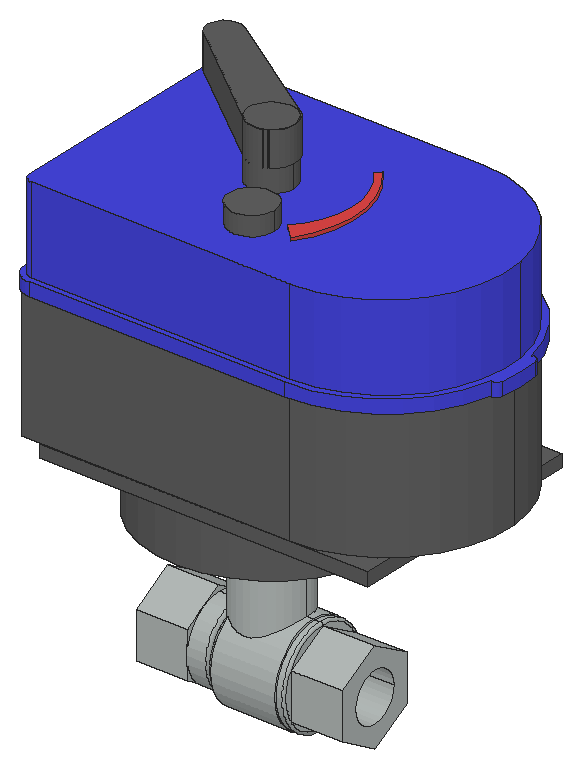
Revit family "QD34780000", category Apparecchi idraulici, Revit 2020
Family settings
  Quota connettore circolare = Usa diametro
  Tipo di parte = Normale
  Numero OmniClass = 23.45.00.00
  Titolo OmniClass = Sanitary, Laundry, and Cleaning Equipment
  Basato su piano di lavoro = No
  Sempre verticale = Sì
  Taglio con vuoti quando caricato = No
  Condiviso = No
  Punto di calcolo locali = No
Parameters
  URL = "https://web.cimberio.it/index.php/figura/1112?subcategoria_id=67"
  Temperatura di esercizio = "-20 ÷ 110°C"
  Prospetto di default = 0 mm
  Produttore = "CIMBERIO SPA"
  Pressione nominale = "PN 32"
  Modello = "Cim 690"
  Materiale = "Prodotto in lega di ottone conforme alla norma EN 12165-CW617N-DW"
  Descrizione = "Utilizzato nei più svariati settori dell'impiantistica: impianti di riscaldamento, condizionamento, idrici, igienico-sanitari, aria compressa e in generale con ogni fluido non corrosivo.\r\nParticolarmente indicato come valvola di zona per la regolazione e contabilizzazione di impianti di riscaldamento singoli o a zone, impianti con utilizzazione di energie alternative, impianti con fluidi caldi o freddi e impianti di automazione in genere."
  DN Model [instance] = QD34781015 : QD34781015
  DN [instance] = 15 mm
  Commenti sul tipo = "Realizzato in ottemperanza ai requisiti gestionali della norma EN ISO 9001.\r\nCollaudato al 100% secondo la normativa EN 12266-1"
Reference planes
  plane 1 "Centro (Fronte/Retro)": y = 0
  plane 2: z = 0
  plane 3 "Centro (Sinistra/Destra)": x = 0
Dimensions and locks
  aligned and locked: level to plane 2
Nested families
  nested 1: "QD34781015" at (0, 0, 0), type <- "DN Model", type "QD34781015"
  nested 2: "QD34781015" at (0, 0, 0), type <- "DN Model", type "QD34781015"
  nested 3: "QD34781015" at (0, 0, 0), type <- "DN Model", type "QD34781015"
  nested 4: "QD34781015" at (0, 0, 0), type <- "DN Model", type "QD34781015"
  nested 5: "QD34781015" at (0, 0, 0), type <- "DN Model", type "QD34781015"
  nested 6: "QD34781015" at (0, 0, 0), type <- "DN Model", type "QD34781015"
Connectors
  piping at (31.6, 0, 0), diameter 15, driven by "DN"
    settings: on nested 1, index 1, connector inside diameter 609.6 mm, connector length 0 mm, flow factor 0, pipe flow 0.0 L/s, pressure drop 0.0 Pa, fitting loss kfactor 0, connector angle 0.00°, fixture units 0, engagement length 0 mm, angle of deflection 0.00°, flow configuration 0, flow direction 0, fitting loss method 0, system type 7, joint type 0, gender type 0, connector reference index -1, connector utility 0, adjustable connector no, is connector primary yes, connector description ""
  piping at (-31.6, 0, 0), diameter 15, driven by "DN"
    settings: on nested 1, index 2, connector inside diameter 609.6 mm, connector length 0 mm, flow factor 0, pipe flow 0.0 L/s, pressure drop 0.0 Pa, fitting loss kfactor 0, connector angle 0.00°, fixture units 0, engagement length 0 mm, angle of deflection 0.00°, flow configuration 0, flow direction 0, fitting loss method 0, system type 7, joint type 0, gender type 0, connector reference index -1, connector utility 0, adjustable connector no, is connector primary no, connector description ""
Definition of nested family "QD34781015"
  Parameters (values of type "QD34781015")
    URL = "https://web.cimberio.it/index.php/figura/394?subcategoria_id="
    Temperatura di esercizio = "-10 ÷ 95°C"
    Default Elevation = 0 mm
    Manufacturer = "CIMBERIO SPA"
    Pressione nominale = "PN 16"
    Model = "Cim 32"
    Materiale = "Prodotto in lega di ottone conforme alla norma EN 12165-CW617N-DW"
    Description = "Impiegato nei più svariati settori dell'impiantistica in condutture anti-ritorno per: reti di distribuzione acqua potabile, impianti di riscaldamento, condizionamento, igienico-sanitari e in generale con ogni fluido non corrosivo."
    DN [instance] = 50 mm
    Type Comments = "Realizzato in ottemperanza ai requisiti gestionali della norma EN ISO 9001.\r\nCollaudato al 100% secondo la normativa EN 12266-1"
  Reference planes
    plane 1 "Centro (Fronte/Retro)": y = 0
    plane 2: z = 0
    plane 3 "Centro (Sinistra/Destra)": x = 0
  Forms (mm)
    Revolve 1, solid
      sketch origin (51.589, 0, -3.5) x (-1, 0, 0) y (0, 0, -1)
        loop
          line (35.989, 4) -> (38.589, 4) -> (38.589, 11.25) -> (36.689, 11.25)
          arc (36.689, 11.25) -> (36.194, 11.045) -> (35.989, 10.55) r 0.7
          line (35.989, 10.55) -> (35.989, 4)
        axis (38.589, -3.5) -> (35.989, -3.5)
      angle from 0 to 360
    Revolve 2, solid
      sketch origin (51.589, 0, -3.5) x (-1, 0, 0) y (0, 0, -1)
        loop
          line (38.589, 4) -> (67.589, 4) -> (67.589, 9) -> (61.832, 9)
          arc (61.832, 9) -> (60.684, 9.228) -> (59.71, 9.879) r 3
          line (59.71, 9.879) -> (58.089, 11.5) -> (38.589, 11.5) -> (38.589, 4)
        axis (67.589, -3.5) -> (38.589, -3.5)
      angle from 0 to 360
    Extrusion 3, solid
      sketch origin (0, 0, 0) x (0, 1, 0) y (0, 0, 1)
        loop
          circle (0, 0) r 7.5
        loop
          line (0, 14) -> (-12.124, 7) -> (-12.124, -7) -> (0, -14) -> (12.124, -7) -> (12.124, 7) -> (0, 14)
      from -31.6 to -16
    Extrusion 4, solid
      sketch origin (0, 0, 0) x (0, 1, 0) y (0, 0, -1)
        loop
          circle (0, 0) r 7.5
        loop
          line (0, -14) -> (12.124, -7) -> (12.124, 7) -> (0, 14) -> (-12.124, 7) -> (-12.124, -7) -> (0, -14)
      from -31.6 to -15.6
    Revolve 5, solid
      sketch origin (51.589, 0, -3.5) x (-1, 0, 0) y (0, 0, -1)
        loop
          line (62.339, -39.814) -> (62.339, -9.295) -> (51.589, -9.295) -> (51.589, -39.814) -> (62.339, -39.814)
        axis (51.589, -39.814) -> (51.589, -9.295)
      angle from 0 to 360
    Revolve 6, solid
      sketch origin (35.5, 0, 107.539) x (-1, 0, 0) y (0, 0, -1)
        loop
          line (71.631, 66.539) -> (35.5, 66.539) -> (35.5, 51.539) -> (71.631, 51.539) -> (71.631, 66.539)
        axis (35.5, 51.539) -> (35.5, 66.539)
      angle from 0 to 360
    Extrusion 7, solid
      sketch origin (35.5, -10.25, 107.539) x (-1, 0, 0) y (0, 0, -1)
        loop
          line (54.947, 66.539) -> (54.947, 73.202)
          spline (54.947, 73.202) -> (54.938, 73.333) -> (54.913, 73.461) -> (54.871, 73.585) -> (54.813, 73.703) -> (54.74, 73.811) -> (54.654, 73.91) -> (54.556, 73.996) -> (54.447, 74.069) -> (54.33, 74.127) -> (54.206, 74.169) -> (54.078, 74.194) -> (53.947, 74.203)
          line (53.947, 74.203) -> (17.053, 74.203)
          spline (17.053, 74.203) -> (16.922, 74.194) -> (16.794, 74.169) -> (16.67, 74.127) -> (16.553, 74.069) -> (16.444, 73.996) -> (16.346, 73.91) -> (16.26, 73.811) -> (16.187, 73.703) -> (16.129, 73.585) -> (16.087, 73.461) -> (16.062, 73.333) -> (16.053, 73.202)
          line (16.053, 73.202) -> (16.053, 66.539) -> (54.947, 66.539)
      from 1.874 to -22.374
    Extrusion 8, solid
      sketch origin (0, 0, 0) x (1, 0, 0) y (0, 0, 1)
        loop
          line (-41.4, 56) -> (58.9, 56) -> (58.9, 60) -> (-41.4, 60) -> (-41.4, 56)
      from 36.719 to -37.211
    Extrusion 9, solid
      sketch origin (0, 0, 97) x (1, 0, 0) y (0, 1, 0)
        loop
          line (-46.997, 37.211) -> (-46.997, -36.719) -> (34.908, -36.719)
          arc (34.908, -36.719) -> (62.089, -24.807) -> (71.751, 3.253) r 36.965
          arc (71.751, 3.253) -> (59.961, 27.427) -> (34.908, 37.211) r 36.965
          line (34.908, 37.211) -> (-46.997, 37.211)
      from 3.5 to -37
    Extrusion 10, solid
      sketch origin (0, 0, 97) x (1, 0, 0) y (0, 1, 0)
        loop
          line (-49.032, 33.243) -> (-49.032, -32.757)
          arc (-49.032, -32.757) -> (-47.273, -36.997) -> (-43.032, -38.754) r 6
          line (-43.032, -38.754) -> (34.908, -38.754)
          arc (34.908, -38.754) -> (59.508, -30.016) -> (73.086, -7.72) r 39
          arc (73.086, -7.72) -> (74.609, -7.386) -> (75.43, -6.061) r 2
          arc (75.43, -6.061) -> (75.918, 0.246) -> (75.43, 6.554) r 41.01
          arc (75.43, 6.554) -> (74.609, 7.879) -> (73.086, 8.212) r 2
          arc (73.086, 8.212) -> (59.508, 30.509) -> (34.908, 39.246) r 39
          line (34.908, 39.246) -> (-43.032, 39.246)
          arc (-43.032, 39.246) -> (-47.276, 37.488) -> (-49.032, 33.243) r 6
      from 7.5 to 3.5
    Extrusion 11, solid
      sketch origin (-37.361, 0, 130.6) x (1, 0, 0) y (0, 1, 0)
        loop
          line (-0.362, 21.342) -> (33.085, -5.234)
          arc (33.085, -5.234) -> (43.118, -3.848) -> (41.265, 6.109) r 7
          line (41.265, 6.109) -> (5.487, 29.453)
          arc (5.487, 29.453) -> (-1.496, 28.324) -> (-0.362, 21.342) r 5
      from 7 to 17.5
    Extrusion 12, solid
      sketch origin (-37.361, 0, 130.6) x (1, 0, 0) y (0, 1, 0)
        loop
          line (72.27, 37.211) -> (-6.599, 37.211)
          arc (-6.599, 37.211) -> (-8.746, 36.322) -> (-9.635, 34.175) r 3.037
          line (-9.635, 34.175) -> (-9.635, -33.68)
          arc (-9.635, -33.68) -> (-8.745, -35.829) -> (-6.597, -36.719) r 3.038
          line (-6.597, -36.719) -> (72.27, -36.719)
          arc (72.27, -36.719) -> (100.31, -23.84) -> (108.812, 5.822) r 36.965
          arc (108.812, 5.822) -> (96.356, 28.287) -> (72.27, 37.211) r 36.965
      from -26.1 to 0
    Extrusion 13, solid
      sketch origin (-37.361, 0, 130.6) x (1, 0, 0) y (0, 1, 0)
        loop
          circle (37.361, 0) r 6.823
      from 0 to 17.5
    Extrusion 14, solid
      sketch origin (-37.361, 0, 130.6) x (1, 0, 0) y (0, 1, 0)
        loop
          circle (46.67, -19.054) r 6.9
      from 0 to 5.7
    Extrusion 15, solid
      sketch origin (-37.361, 0, 130.6) x (1, 0, 0) y (0, 1, 0)
        loop
          line (55.33, -16.254) -> (59.687, -20.379)
          arc (59.687, -20.379) -> (64.96, -0.621) -> (56.782, 18.121) r 31
          line (56.782, 18.121) -> (55.33, 16.746)
          arc (55.33, 16.746) -> (61.901, 0.246) -> (55.33, -16.254) r 24
      from 0 to 1
  Dimensions and locks
    aligned and locked: level to plane 2
